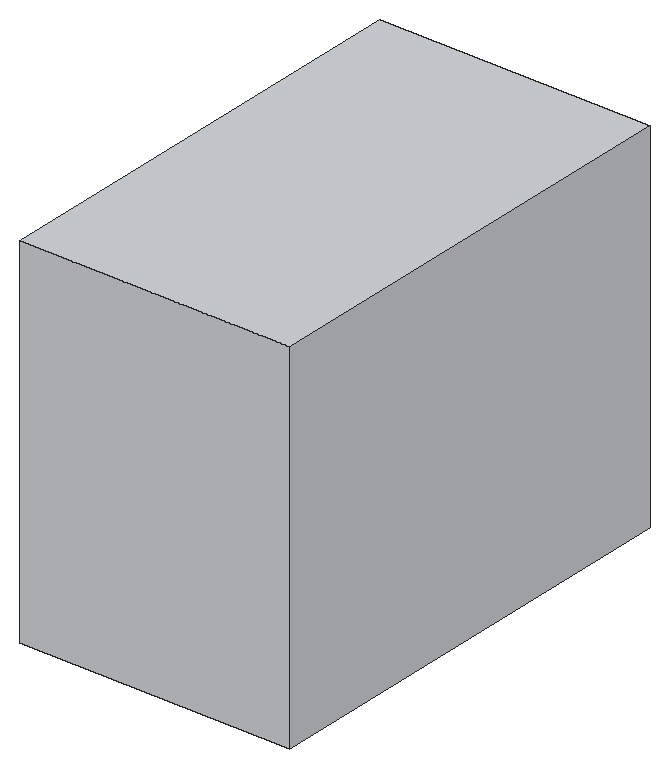
Revit family "XXX_RLT-Gerät_Tropfenabscheider", category HLS-Bauteile, Revit 2014
Parameters (values of type "Allgemein")
  Breite = 500 mm
  Druckverlust [instance] = 0.00 in-wg
  Länge = 300 mm
  Höhe = 400 mm
  Widerstandsbeiwert [instance] = 0
Reference planes
  plane 1 "Mitte (Vorne/Hinten)": y = 0
  plane 2: z = 0
  plane 3 "Mitte (Links/Rechts)": x = 0
  plane 4: y = 250
  plane 5: y = -250
  plane 6: x = -150
  plane 7: x = 150
  plane 8: z = 200
  plane 9: z = -200
  plane 10: y = 166.667
  plane 11: y = 83.333
  plane 12: y = -83.333
  plane 13: y = -166.667
  plane 14: z = 133.333
  plane 15: z = 66.667
  plane 16: z = -66.667
  plane 17: z = -133.333
Forms (mm)
  Extrusion 1, solid, detail levels medium+fine
    sketch origin (-150, 397.271, 1219.2) x (0, 1, 0) y (0, 0, 1)
      loop
        line (-147.271, -1019.2) -> (-647.271, -1019.2) -> (-647.271, -1419.2) -> (-147.271, -1419.2) -> (-147.271, -1019.2)
    from 0 to 300
Lines and regions (mm)
  model lines, detail levels coarse
    curve 1: line (-150, 250, 0) -> (150, 250, 0)
    curve 2: line (-150, -250, 0) -> (-150, 250, 0)
    curve 3: line (150, -250, 0) -> (-150, -250, 0)
    curve 4: line (150, 250, 0) -> (150, -250, 0)
    curve 5: line (-150, 0, 200) -> (150, 0, 200)
    curve 6: line (-150, 0, -200) -> (-150, 0, 200)
    curve 8: line (150, 0, 200) -> (150, 0, -200)
    curve 9: line (0, 250, 200) -> (0, -250, 200)
    curve 10: line (0, 250, -200) -> (0, 250, 200)
    curve 11: line (0, -250, -200) -> (0, 250, -200)
    curve 12: line (0, -250, 200) -> (0, -250, -200)
    curve 13: line (0, 166.667, 0) -> (0, 83.333, 0)
    curve 14: line (0, 0, 0) -> (0, -83.333, 0)
    curve 15: line (0, -166.667, 0) -> (0, -250, 0)
    curve 16: line (0, -250, 0) -> (150, -166.667, 0)
    curve 17: line (0, -250, 0) -> (-150, -166.667, 0)
  model lines
    curve 7: line (150, 0, -200) -> (-150, 0, -200)
    curve 18: line (0, 166.667, 200) -> (0, 83.333, 200)
    curve 19: line (0, 0, 200) -> (0, -83.333, 200)
    curve 20: line (0, -166.667, 200) -> (0, -250, 200)
    curve 21: line (0, -250, 200) -> (150, -166.667, 200)
    curve 22: line (0, -250, 200) -> (-150, -166.667, 200)
    curve 23: line (0, -250, 133.333) -> (0, -250, 66.667)
    curve 24: line (0, -250, 0) -> (0, -250, -66.667)
    curve 25: line (0, -250, -133.333) -> (0, -250, -200)
    curve 26: line (0, -250, -200) -> (150, -250, -133.333)
    curve 27: line (0, -250, -200) -> (-150, -250, -133.333)
    curve 28: line (0, 250, 133.333) -> (0, 250, 66.667)
    curve 29: line (0, 250, 0) -> (0, 250, -66.667)
    curve 30: line (0, 250, -133.333) -> (0, 250, -200)
    curve 31: line (0, 250, -200) -> (-150, 250, -133.333)
    curve 32: line (0, 250, -200) -> (150, 250, -133.333)
Dimensions and locks
  "Länge": plane 6 to plane 7
  "Höhe": plane 8 to plane 9
  "Breite": plane 5 to plane 4
  equal spacing: plane 4, plane 10, plane 11, plane 1 "Mitte (Vorne/Hinten)", plane 12, plane 13, plane 5
  equal spacing: plane 8, plane 14, plane 15, level, plane 16, plane 17, plane 9
  equal spacing: plane 6, plane 3 "Mitte (Links/Rechts)", plane 7
  aligned and locked: plane 2 to level
  aligned and locked: plane 7 to Extrusion 1
  aligned and locked: Extrusion 1 to plane 6
  aligned and locked: plane 8 to Extrusion 1
  aligned and locked: plane 9 to Extrusion 1
  aligned and locked: plane 5 to Extrusion 1
  aligned and locked: plane 4 to Extrusion 1
  aligned and locked: curve 2 to Extrusion 1
  aligned and locked: curve 4 to Extrusion 1
  aligned and locked: curve 5 to Extrusion 1
  aligned and locked: curve 6 to Extrusion 1
  aligned and locked: curve 7 to Extrusion 1
  aligned and locked: curve 8 to Extrusion 1
  aligned and locked: curve 9 to Extrusion 1
  aligned and locked: curve 11 to Extrusion 1
  aligned and locked: curve 13 to plane 3 "Mitte (Links/Rechts)"
  aligned and locked: curve 14 to plane 3 "Mitte (Links/Rechts)"
  aligned and locked: curve 15 to plane 3 "Mitte (Links/Rechts)"
  aligned and locked: plane 10 to curve 13
  aligned and locked: plane 11 to curve 13
  aligned and locked: plane 1 "Mitte (Vorne/Hinten)" to curve 14
  aligned and locked: plane 12 to curve 14
  aligned and locked: plane 13 to curve 15
  aligned and locked: plane 5 to curve 15
  aligned and locked: curve 18 to plane 3 "Mitte (Links/Rechts)"
  aligned and locked: curve 19 to plane 3 "Mitte (Links/Rechts)"
  aligned and locked: curve 20 to plane 3 "Mitte (Links/Rechts)"
  aligned and locked: plane 10 to curve 18
  aligned and locked: plane 11 to curve 18
  aligned and locked: plane 1 "Mitte (Vorne/Hinten)" to curve 19
  aligned and locked: plane 12 to curve 19
  aligned and locked: plane 13 to curve 20
  aligned and locked: plane 5 to curve 20
  aligned and locked: curve 23 to plane 3 "Mitte (Links/Rechts)"
  aligned and locked: curve 24 to plane 3 "Mitte (Links/Rechts)"
  aligned and locked: curve 25 to plane 3 "Mitte (Links/Rechts)"
  aligned and locked: plane 14 to curve 23
  aligned and locked: plane 15 to curve 23
  aligned and locked: level to curve 24
  aligned and locked: plane 16 to curve 24
  aligned and locked: plane 17 to curve 25
  aligned and locked: plane 9 to curve 25
  aligned and locked: plane 3 "Mitte (Links/Rechts)" to curve 28
  aligned and locked: plane 3 "Mitte (Links/Rechts)" to curve 29
  aligned and locked: plane 3 "Mitte (Links/Rechts)" to curve 30
  aligned and locked: plane 17 to curve 30
  aligned and locked: plane 9 to curve 30
  aligned and locked: plane 16 to curve 29
  aligned and locked: level to curve 29
  aligned and locked: plane 15 to curve 28
  aligned and locked: plane 14 to curve 28
Automatic sketch dimensions
  Extrusion 1 sketch curve to plane 5 = 0 mm
  Extrusion 1 sketch curve to plane 4 = 0 mm
  plane 9 to Extrusion 1 sketch curve = 0 mm
  Extrusion 1 sketch curve to plane 8 = 0 mm
  curve 9 to plane 5 = 0 mm
  curve 11 to plane 4 = 0 mm
  curve 16 to plane 13 = 0 mm
  curve 17 to plane 13 = 0 mm
  curve 2 to plane 4 = 0 mm
  curve 21 to plane 7 = 0 mm
  curve 21 to plane 13 = 0 mm
  curve 22 to plane 6 = 0 mm
  curve 22 to plane 13 = 0 mm
  curve 27 to plane 6 = 0 mm
  curve 26 to plane 7 = 0 mm
  curve 26 to plane 17 = 0 mm
  curve 27 to plane 17 = 0 mm
  curve 32 to plane 7 = 0 mm
  curve 31 to plane 6 = 0 mm
  curve 31 to plane 17 = 0 mm
  curve 32 to plane 17 = 0 mm
Connectors
  hvac at (-150, 0, 0), driven by "Widerstandsbeiwert", driven by "Breite", driven by "Höhe"
    settings: on Extrusion 1, index 1, duct flow 0 CFM, flow factor 0, pres drop 0.00 in-wg, loss coef 0, conn angle 0.00°, conn width 500 mm, conn height 400 mm, conn diameter 609.6 mm, duct sys type 29, conn prof type 1, flow config 0, flow direction 0, loss method 6, conn ref index 2, conn util no, is conn primary yes, conn desc ""
  hvac at (150, 0, 0), driven by "Widerstandsbeiwert", driven by "Breite", driven by "Höhe"
    settings: on Extrusion 1, index 2, duct flow 0 CFM, flow factor 0, pres drop 0.00 in-wg, loss coef 0, conn angle 0.00°, conn width 500 mm, conn height 400 mm, conn diameter 609.6 mm, duct sys type 29, conn prof type 1, flow config 0, flow direction 0, loss method 6, conn ref index 1, conn util no, is conn primary no, conn desc ""
